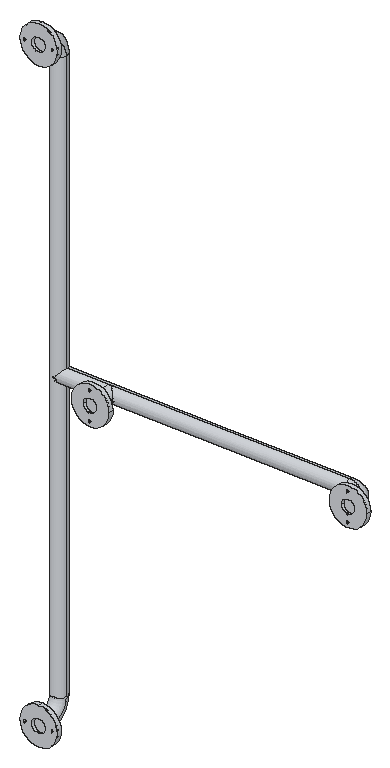
Revit family "AX8032-T-765X1425_0010", category Appareils sanitaires, Revit 2016
Family settings
  Hôte = Mur
  Type d'élément = Normal
  Cote de connecteur circulaire = Utiliser le diamètre
  Numéro OmniClass = 23.75.00.00
  Titre OmniClass = Climate Control (HVAC)
  Toujours verticalement = Oui
  Couper avec des vides une fois chargée = Non
  Partagée = Non
  Point de calcul de pièce = Non
Parameters (values of type "Type 1")
  URL = "https://www.axeuro.com/fr/barres-d-appui-a-135-et-barres-en-t/25376-barre-de-securite-ax8032-t-765x1425-3700926001972.html"
  Référence / Reference = "AX8032-T-765X1425, AX8032-T-765X1425W"  # constant formula
  Model = ""
  Manufacturer = ""
  Entreprise / Company = "Axeuro"  # constant formula
  Description = "Barre de sécurité : poignée 4 pieds / Grab bar"  # constant formula
Reference planes
  plane 1 "Mur": y = 0
  plane 2 "Centre (gauche/droite)": x = 0
  plane 3 "Arrière": y = 75
Forms (mm)
  Extrusion 1, solid
    sketch origin (-1419.771, 75, 1419.771) x (0, 0, -1) y (1, 0, 0)
      loop
        circle (0, 1419.771) r 41
    from -9.881 to 0
  Extrusion 2, void
    sketch origin (-1415.242, 0, 1419.771) x (0, 0, -1) y (1, 0, 0)
      loop
        circle (0, 1415.242) r 15
    from -80.705 to -75
  Extrusion 3, void
    sketch origin (-1414.849, 0, 1419.771) x (0, 0, -1) y (1, 0, 0)
      loop
        circle (0, 1445.265) r 3
    from -76.701 to -75
  Extrusion 4, void
    sketch origin (-1474.849, 0, 1419.771) x (0, 0, -1) y (1, 0, 0)
      loop
        circle (0, 1445.265) r 3
    from -76.701 to -75
  Extrusion 5, solid
    sketch origin (-1419.771, 75, 2757.771) x (0, 0, -1) y (1, 0, 0)
      loop
        circle (0, 1419.771) r 41
    from -9.881 to 0
  Extrusion 6, void
    sketch origin (-1415.242, 0, 2757.771) x (0, 0, -1) y (1, 0, 0)
      loop
        circle (0, 1415.242) r 15
    from -80.705 to -75
  Extrusion 7, void
    sketch origin (-1414.849, 0, 2757.771) x (0, 0, -1) y (1, 0, 0)
      loop
        circle (0, 1445.265) r 3
    from -76.701 to -75
  Extrusion 8, void
    sketch origin (-1474.849, 0, 2757.771) x (0, 0, -1) y (1, 0, 0)
      loop
        circle (0, 1445.265) r 3
    from -76.701 to -75
  Extrusion 9, solid
    sketch origin (678, 75, 3508.542) x (-1, 0, 0) y (0, 0, -1)
      loop
        circle (0, 1419.771) r 41
    from -9.881 to 0
  Extrusion 10, void
    sketch origin (678, 0, 3504.013) x (-1, 0, 0) y (0, 0, -1)
      loop
        circle (0, 1415.242) r 15
    from -80.705 to -75
  Extrusion 11, void
    sketch origin (678, 0, 3503.62) x (-1, 0, 0) y (0, 0, -1)
      loop
        circle (0, 1445.265) r 3
    from -76.701 to -75
  Extrusion 12, void
    sketch origin (678, 0, 3563.62) x (-1, 0, 0) y (0, 0, -1)
      loop
        circle (0, 1445.265) r 3
    from -76.701 to -75
  Extrusion 13, solid
    sketch origin (113, 75, 3508.542) x (-1, 0, 0) y (0, 0, -1)
      loop
        circle (0, 1419.771) r 41
    from -9.881 to 0
  Extrusion 14, void
    sketch origin (113, 0, 3504.013) x (-1, 0, 0) y (0, 0, -1)
      loop
        circle (0, 1415.242) r 15
    from -80.705 to -75
  Extrusion 15, void
    sketch origin (113, 0, 3503.62) x (-1, 0, 0) y (0, 0, -1)
      loop
        circle (0, 1445.265) r 3
    from -76.701 to -75
  Extrusion 16, void
    sketch origin (113, 0, 3563.62) x (-1, 0, 0) y (0, 0, -1)
      loop
        circle (0, 1445.265) r 3
    from -76.701 to -75
  Sweep 17, solid
    path origin (0, 0, 0) x (0, 1, 0) y (0, 0, 1)
      loop
        line (84.881, 2757.771) -> (90.381, 2757.771)
        arc (90.381, 2757.771) -> (118.749, 2746.02) -> (130.5, 2717.652) r 40.119
        line (130.5, 2717.652) -> (130.5, 1459.891)
        arc (130.5, 1459.891) -> (118.749, 1431.522) -> (90.381, 1419.771) r 40.119
        line (90.381, 1419.771) -> (84.881, 1419.771)
    profile origin (0, 130.5, 2088.771) x (1, 0, 0) y (0, 1, 0)
      loop
        circle (0, 0) r 16
  Extrusion 18, solid
    sketch origin (0, 75, 0) x (1, 0, 0) y (0, 0, 1)
      loop
        circle (113, 2088.771) r 16
    from -53.654 to -9.881
  Sweep 19, solid
    path origin (-2079.719, 0, 2088.771) x (1, 0, 0) y (0, 1, 0)
      loop
        line (2757.771, 84.881) -> (2757.771, 90.381)
        arc (2757.771, 90.381) -> (2746.02, 118.749) -> (2717.652, 130.5) r 40.119
        line (2717.652, 130.5) -> (2079.719, 130.5)
    profile origin (318.966, 130.5, 2088.771) x (0, -1, 0) y (0, 0, 1)
      loop
        circle (0, 0) r 16
Cuts and joins
  Extrusion 2, Extrusion 3, Extrusion 4, Extrusion 6, Extrusion 7, Extrusion 8 cuts Extrusion 1
  Extrusion 6, Extrusion 7, Extrusion 8, Extrusion 10, Extrusion 11, Extrusion 12 cuts Extrusion 5
  Extrusion 10, Extrusion 11, Extrusion 12, Extrusion 14, Extrusion 15, Extrusion 16 cuts Extrusion 9
  Extrusion 14, Extrusion 15, Extrusion 16 cuts Extrusion 13
  joined: Sweep 17, Extrusion 18
Text (mm)
  text "Côté de la mise en place" at (-1820.995, 1116.779, 0), in view "Niveau de réf."
  text "Côté de la mise en place" at (0, 1334.055, 2976.191), in view "Gauche"
  text "Côté de la mise en place" at (0, 1196.516, 3600.557), in view "Droite"
Dimensions and locks
  locked: plane 3 "Arrière" to host wall
  aligned and locked: plane 1 "Mur" to host wall
